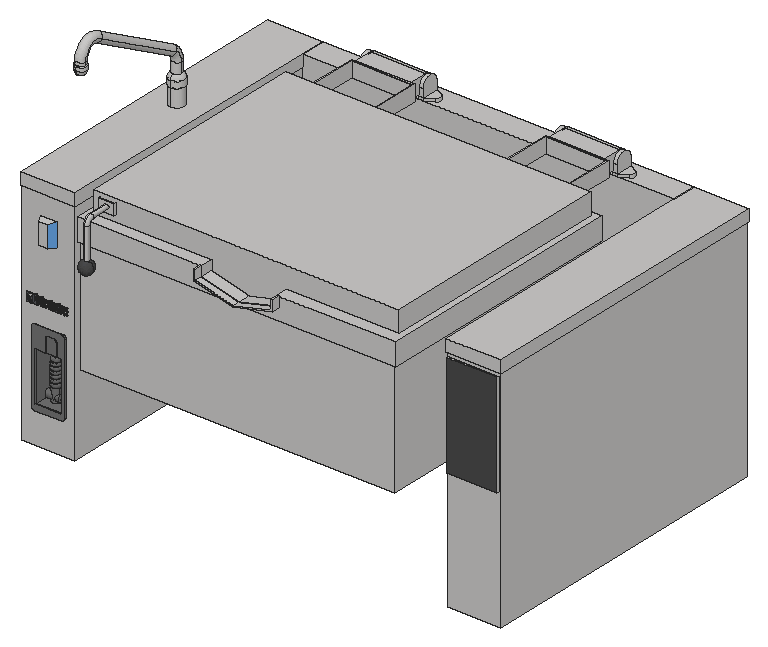
Revit family "QF_ELECTROLUXPROFESSIONAL_586929_PFET08ECES", category Specialty Equipment, Revit 2018
Family settings
  Round Connector Dimension = Use Radius
  Part Type = Normal
  Work Plane-Based = No
  Always vertical = Yes
  Cut with Voids When Loaded = No
  Shared = Yes
  Room Calculation Point = No
Parameters (values of type "Standard")
  Weight = 240.00 kg
  Watts = 0 W
  Volts = 400 V
  URL Manufacturer = "http://professional.electrolux.com"
  URL = "http://professional.electrolux.com"
  Steam Supply Size = 0"
  Steam Supply Minimum Pressure = 0.00 psi
  Steam Supply Maximum Pressure = 0.00 psi
  Steam Pounds per Hour = 0
  Show Logo [instance] = yes
  Refrigeration Suction Line Size = 0"
  Refrigeration Liquid Line Size = 0"
  Refrigerant Compressor Remote = yes
  Plinth Base Finish [instance] = QF_Finishes_Concrete
  Plinth Base [instance] = not(Base Height = 500.00 mm)  # yes
  Phase = 3
  Model = "PFET08ECES"
  Manufacturer = "Electrolux Professional"
  Length Actual = 1400.00 mm  # constant formula
  Item Number = "586929"
  Hot Water Size = 1/2"
  Height Actual = 700.00 mm  # constant formula
  HP = "27.6 HP"
  Gas Size = 0"
  Gas KW = 0
  Gas Input Pressure = 0.0 Btu/h
  Drain Y Axis [instance] = if(Base Height = 500.00 mm, 0.00 mm, 180.00 mm)  # 180.00 mm
  Drain X Axis [instance] = if(Base Height = 500.00 mm, 425.00 mm, Base Height)  # 200.00 mm
  Direct Waste Size = 0"
  Description = "EL. TILTING BRAISING PAN,AUTO H/C WATER FILL INLET,SPRAY GUN, 80L,H700,COMPOUND,FS,D900,REAR CLS KIT,GUID.COOK.S"
  Depth Actual = 900.00 mm  # constant formula
  Cycle = 50 Hz
  Condensate Return Size = 0"
  Compressed Air Volume = 0 GPM
  Compressed Air Size = 0"
  Compressed Air Pressure = 0.00 psi
  Cold Water Size = 1/2"
  Bracket [instance] = Base Height = 500.00 mm  # no
  Body Finish [instance] = QF_Finishes_Stainless Steel
  Base Height = 200.00 mm
  Show Clearance [instance] = yes
  Assembly Code = ""
  Accessory = yes
Reference planes
  plane 1 "BACK": y = 0
  plane 2: z = 0
  plane 3 "LEFT": x = 0
  plane 4 "RIGHT": x = 1400
  plane 5 "FRONT": y = -900
  plane 6 "TOP": z = 900
  plane 7: z = 200
  plane 8 "Center": x = 700
  plane 9: y = -450
  plane 10: z = 1867
  plane 11: y = -680
  plane 12: y = -315
  plane 13: y = -1002
Forms (mm)
  Extrusion 1, solid, material "QF_Finishes_Stainless Steel" <- "Body Finish"
    sketch origin (-11.629, 0, 900) x (-1, 0, 0) y (0, -1, 0)
      loop
        line (-11.629, 0) -> (-11.629, 900) -> (-171.629, 900) -> (-171.629, 0) -> (-11.629, 0)
      loop
        line (-1411.629, 900) -> (-1411.629, 0) -> (-1251.629, 0) -> (-1251.629, 900) -> (-1411.629, 900)
    from 0 to -35
  Extrusion 2, solid, material "QF_Finishes_Stainless Steel" <- "Body Finish"
    sketch origin (-11.629, 0, 0) x (1, 0, 0) y (0, 0, 1)
      loop
        line (171.629, 900) -> (171.629, 500) -> (1251.629, 500) -> (1251.629, 900) -> (171.629, 900)
    from 0 to 70
  Extrusion 3, solid, material "QF_Finishes_Stainless Steel" <- "Body Finish"
    sketch origin (2286.371, 0, 27.379) x (1, 0, 0) y (0, 0, 1)
      loop
        line (-2049.571, 472.621) -> (-1134.271, 472.621) -> (-1134.271, 805.621) -> (-2049.571, 805.621) -> (-2049.571, 472.621)
    from 232 to 975.2
  Extrusion 4, solid, material "QF_Finishes_Stainless Steel" <- "Body Finish"
    sketch origin (1240, -900, 0) x (1, 0, 0) y (0, 0, 1)
      loop
        line (7, 553.501) -> (153, 553.501) -> (153, 855) -> (7, 855) -> (7, 553.501)
    from 0 to 5
  Blend 5, solid, material "QF_Finishes_Stainless Steel" <- "Body Finish"
    base sketch origin (154, -900, 0) x (-1, 0, 0) y (0, 0, -1)
      loop
        line (94.5, -805.4) -> (94.5, -738.6) -> (47.5, -738.6) -> (47.5, -805.4) -> (94.5, -805.4)
    top sketch origin (154, -900, 0) x (-1, 0, 0) y (0, 0, -1)
      loop
        line (84.448, -802.617) -> (84.448, -741.383) -> (57.552, -741.383) -> (57.552, -802.617) -> (84.448, -802.617)
    from 0 to 20.065
  Revolve 6, solid, material "QF_Finishes_Stainless Steel" <- "Body Finish"
    sketch origin (-986.928, -679, -3213) x (-1, 0, 0) y (0, 0, -1)
      loop
        line (-1223.728, -4000) -> (-1153.365, -4000) -> (-1153.365, -4030) -> (-1146.928, -4030) -> (-1146.928, -3943) -> (-1223.728, -3943) -> (-1223.728, -4000)
      loop
        line (-2139.028, -4000) -> (-2139.028, -3943) -> (-2226.928, -3943) -> (-2226.928, -4030) -> (-2220.491, -4030) -> (-2220.491, -4000) -> (-2139.028, -4000)
      axis (-1146.928, -3943) -> (-2226.928, -3943)
    angle from 0 to 360
  Extrusion 7, solid, material "QF_Finishes_Stainless Steel"
    sketch origin (0, 0, 386.36) x (0, 0, 1) y (1, 0, 0)
      loop
        circle (8.64, 106.204) r 6.35
      loop
        circle (8.64, 46.204) r 6.35
    from 0 to 5
  Extrusion 8, solid, material "QF_Finishes_Stainless Steel"
    sketch origin (1040, 0, 386.36) x (0, 0, 1) y (1, 0, 0)
      loop
        circle (63.64, 281.204) r 6.35
    from 0 to 5
  Extrusion 9, solid, material "QF_Finishes_Clearance", visible <- "Show Clearance", detail levels coarse
    sketch origin (2988.371, 9.994, -85.24) x (0, 1, 0) y (0, 0, 1)
      loop
        line (-58.467, 1043.24) -> (-450.27, 1952.74)
        arc (-450.27, 1952.74) -> (-894.699, 1597.175) -> (-1025.467, 1043.24) r 872.87
        line (-1025.467, 1043.24) -> (-58.467, 1043.24)
    from -2740.818 to -1852.578
  Revolve 10, solid, material "QF_Finishes_Black"
    sketch origin (-870.707, -1018.895, 810.327) x (0, 0, 1) y (-1, 0, 0)
      loop
        arc (13.06, -1158.612) -> (-6.179, -1139.373) -> (-25.418, -1158.612) r 19.239
        line (-25.418, -1158.612) -> (13.06, -1158.612)
      axis (-25.418, -1158.612) -> (13.06, -1158.612)
    angle from 0 to 360
  Extrusion 11, solid, material "Default", not visible
    sketch origin (-975.953, -4572.711, 180) x (-1, 0, 0) y (0, -1, 0)
      loop
        circle (-1055.953, -4392.711) r 12.5
    from 20 to 30
  Extrusion 12, solid, material "QF_Finishes_Stainless Steel" <- "Body Finish"
    sketch origin (2286.371, 0, 360.379) x (1, 0, 0) y (0, 0, 1)
      loop
        line (-2055.618, 472.621) -> (-1128.578, 472.621) -> (-1128.578, 536.621) -> (-2055.618, 536.621) -> (-2055.618, 472.621)
    from 232 to 980.2
  Extrusion 13, solid, material "QF_Finishes_Stainless Steel" <- "Body Finish"
    sketch origin (2286.371, 0, 420.879) x (1, 0, 0) y (0, 0, 1)
      loop
        line (-2038.818, 417.921) -> (-1150.578, 417.921) -> (-1150.578, 537.121) -> (-2038.818, 537.121) -> (-2038.818, 417.921)
    from 242 to 942.2
  Extrusion 14, void
    sketch origin (2286.371, 0, 420.879) x (1, 0, 0) y (0, 0, 1)
      loop
        line (-2038.818, 417.921) -> (-1150.578, 417.921) -> (-1150.578, 497.002) -> (-2038.818, 497.002) -> (-2038.818, 417.921)
    from 242 to 942.2
  Extrusion 15, void
    sketch origin (2281.371, -980.2, 360.379) x (-1, 0, 0) y (0, 0, 1)
      loop
        line (1690.885, 536.621) -> (1470.885, 536.621) -> (1470.885, 508.598) -> (1580.885, 480.503) -> (1690.885, 508.598) -> (1690.885, 536.621)
    from 0 to 38
  Extrusion 16, solid, material "QF_Finishes_Stainless Steel"
    sketch origin (2288.371, 0, 0) x (1, 0, 0) y (0, 1, 0)
      loop
        line (-1950.331, -22) -> (-1963.331, -22) -> (-1989.055, -36.047)
        arc (-1989.055, -36.047) -> (-1994.961, -46) -> (-1989.055, -55.953) r 11.341
        line (-1989.055, -55.953) -> (-1963.331, -70) -> (-1950.331, -70) -> (-1950.331, -22)
    from 900 to 908
  Extrusion 17, solid, material "QF_Finishes_Stainless Steel"
    sketch origin (-588.235, 0, -1068.606) x (0, 0, -1) y (0, 1, 0)
      loop
        line (-1976.606, -22) -> (-2000.57, -22)
        arc (-2000.57, -22) -> (-2024.57, -46) -> (-2000.57, -70) r 24
        line (-2000.57, -70) -> (-1976.606, -70) -> (-1976.606, -22)
    from 913.275 to 926.275
  Extrusion 18, solid, material "QF_Finishes_Stainless Steel"
    sketch origin (-1453.291, 0, 0) x (-1, 0, 0) y (0, -1, 0)
      loop
        line (-1950.331, 22) -> (-1950.331, 70) -> (-1963.331, 70) -> (-1989.055, 55.953)
        arc (-1989.055, 55.953) -> (-1994.961, 46) -> (-1989.055, 36.047) r 11.341
        line (-1989.055, 36.047) -> (-1963.331, 22) -> (-1950.331, 22)
    from 900 to 908
  Extrusion 19, solid, material "QF_Finishes_Stainless Steel"
    sketch origin (1423.315, 0, -1068.606) x (0, 0, -1) y (0, -1, 0)
      loop
        line (-1976.606, 22) -> (-1976.606, 70) -> (-2000.57, 70)
        arc (-2000.57, 70) -> (-2024.57, 46) -> (-2000.57, 22) r 24
        line (-2000.57, 22) -> (-1976.606, 22)
    from 913.275 to 926.275
  Extrusion 20, solid, material "QF_Finishes_Stainless Steel"
    sketch origin (-429.235, 0, -1068.606) x (0, 0, -1) y (0, 1, 0)
      loop
        line (-2024.57, -46) -> (-2024.606, -101) -> (-1979.606, -101) -> (-1979.606, -22) -> (-2000.57, -22)
        arc (-2000.57, -22) -> (-2017.541, -29.029) -> (-2024.57, -46) r 24
    from 767.275 to 926.275
  Extrusion 21, solid, material "QF_Finishes_Stainless Steel"
    sketch origin (2288.371, 0, 0) x (1, 0, 0) y (0, 1, 0)
      loop
        line (-1962.831, -101) -> (-1962.831, -242) -> (-1958.831, -242) -> (-1958.831, -105.055) -> (-1782.931, -105.055) -> (-1782.931, -242) -> (-1778.831, -242) -> (-1778.831, -101) -> (-1962.831, -101)
    from 911 to 956
  Extrusion 22, solid, material "QF_Finishes_Stainless Steel"
    sketch origin (2853.331, 0, 0) x (1, 0, 0) y (0, 1, 0)
      loop
        line (-1950.331, -22) -> (-1963.331, -22) -> (-1989.055, -36.047)
        arc (-1989.055, -36.047) -> (-1994.961, -46) -> (-1989.055, -55.953) r 11.341
        line (-1989.055, -55.953) -> (-1963.331, -70) -> (-1950.331, -70) -> (-1950.331, -22)
    from 900 to 908
  Extrusion 23, solid, material "QF_Finishes_Stainless Steel"
    sketch origin (-23.275, 0, -1068.606) x (0, 0, -1) y (0, 1, 0)
      loop
        line (-1976.606, -22) -> (-2000.57, -22)
        arc (-2000.57, -22) -> (-2024.57, -46) -> (-2000.57, -70) r 24
        line (-2000.57, -70) -> (-1976.606, -70) -> (-1976.606, -22)
    from 913.275 to 926.275
  Extrusion 24, solid, material "QF_Finishes_Stainless Steel"
    sketch origin (-888.331, 0, 0) x (-1, 0, 0) y (0, -1, 0)
      loop
        line (-1950.331, 22) -> (-1950.331, 70) -> (-1963.331, 70) -> (-1989.055, 55.953)
        arc (-1989.055, 55.953) -> (-1994.961, 46) -> (-1989.055, 36.047) r 11.341
        line (-1989.055, 36.047) -> (-1963.331, 22) -> (-1950.331, 22)
    from 900 to 908
  Extrusion 25, solid, material "QF_Finishes_Stainless Steel"
    sketch origin (1988.275, 0, -1068.606) x (0, 0, -1) y (0, -1, 0)
      loop
        line (-1976.606, 22) -> (-1976.606, 70) -> (-2000.57, 70)
        arc (-2000.57, 70) -> (-2024.57, 46) -> (-2000.57, 22) r 24
        line (-2000.57, 22) -> (-1976.606, 22)
    from 913.275 to 926.275
  Extrusion 26, solid, material "QF_Finishes_Stainless Steel"
    sketch origin (135.725, 0, -1068.606) x (0, 0, -1) y (0, 1, 0)
      loop
        line (-2024.57, -46) -> (-2024.606, -101) -> (-1979.606, -101) -> (-1979.606, -22) -> (-2000.57, -22)
        arc (-2000.57, -22) -> (-2017.541, -29.029) -> (-2024.57, -46) r 24
    from 767.275 to 926.275
  Extrusion 27, solid, material "QF_Finishes_Stainless Steel"
    sketch origin (2853.331, 0, 0) x (1, 0, 0) y (0, 1, 0)
      loop
        line (-1962.831, -101) -> (-1962.831, -242) -> (-1958.831, -242) -> (-1958.831, -105.055) -> (-1782.931, -105.055) -> (-1782.931, -242) -> (-1778.831, -242) -> (-1778.831, -101) -> (-1962.831, -101)
    from 911 to 956
  Sweep 28, solid, material "QF_Finishes_Stainless Steel"
    path origin (288.034, 0, 0) x (0, 1, 0) y (0, 0, 1)
      loop
        line (-947.2, 930) -> (-1003.319, 930)
        arc (-1003.319, 930) -> (-1013.926, 925.607) -> (-1018.319, 915) r 15
        line (-1018.319, 915) -> (-1018.319, 819.051)
    profile origin (288.034, -975.26, 930) x (0, 0, -1) y (1, 0, 0)
      loop
        circle (0, 0) r 6.362
  Extrusion 29, solid, material "QF_Finishes_Stainless Steel"
    sketch origin (2286.371, -980.2, 360.379) x (1, 0, 0) y (0, 0, 1)
      loop
        line (-1975.695, 554.621) -> (-1975.695, 584.621) -> (-2020.205, 584.621) -> (-2020.205, 554.621) -> (-1975.695, 554.621)
    from -38 to -33
  Extrusion 30, solid, material "QF_Finishes_Stainless Steel"
    sketch origin (-1161.774, -558.347, 100) x (-1, 0, 0) y (0, -1, 0)
      loop
        circle (-1211.774, -243.347) r 9.525
    from 707.782 to 698
  Extrusion 31, solid, material "QF_Finishes_Stainless Steel"
    sketch origin (-1136.774, -161.653, 100) x (-1, 0, 0) y (0, -1, 0)
      loop
        circle (-1246.774, 153.347) r 9.525
    from 707.782 to 698
  Extrusion 32, solid, material "QF_Finishes_Stainless Steel"
    sketch origin (2286.371, -980.2, 360.379) x (1, 0, 0) y (0, 0, 1)
      loop
        line (-1475.885, 508.598) -> (-1585.885, 480.503) -> (-1695.885, 508.598) -> (-1695.885, 536.621) -> (-1700.885, 536.621) -> (-1700.885, 505.804) -> (-1585.885, 476.432) -> (-1470.885, 505.804) -> (-1470.885, 536.621) -> (-1475.885, 536.621) -> (-1475.885, 508.598)
    from 0 to 21.8
  Extrusion 33, solid, material "QF_Finishes_Stainless Steel" <- "Body Finish"
    sketch origin (0, -100, 0) x (1, 0, 0) y (0, 1, 0)
      loop
        line (157, 97) -> (3, 97) -> (3, -797) -> (157, -797) -> (157, 97)
      loop
        line (1397, 97) -> (1243, 97) -> (1243, -797) -> (1397, -797) -> (1397, 97)
    from 200 to 865
  Extrusion 34, solid, material "Navy Blue", visible <- "Show Logo"
    sketch origin (160, -897, 0) x (-1, 0, 0) y (0, 0, -1)
      loop
        line (101.332, -593.18) -> (109.793, -593.18) -> (109.793, -583.327)
        arc (109.793, -583.327) -> (108.679, -580.639) -> (105.991, -579.525) r 3.802
        line (105.991, -579.525) -> (101.168, -579.525) -> (101.168, -581.736) -> (105.441, -581.736)
        arc (105.441, -581.736) -> (106.845, -582.21) -> (107.442, -583.566) r 1.838
        line (107.442, -583.566) -> (107.442, -585.52) -> (101.698, -585.52) -> (101.698, -587.738) -> (107.442, -587.738) -> (107.442, -590.968) -> (101.332, -590.968) -> (101.332, -593.18)
      loop
        line (99.498, -593.18) -> (99.498, -579.525) -> (97.146, -579.525) -> (97.146, -593.18) -> (99.498, -593.18)
      loop
        line (48.417, -593.18) -> (48.417, -579.525) -> (46.064, -579.525) -> (46.064, -593.18) -> (48.417, -593.18)
      loop
        line (93.257, -583.886) -> (85.539, -583.886)
        arc (85.539, -583.886) -> (86.746, -588.126) -> (90.874, -589.672) r 4.89
        arc (90.874, -589.672) -> (94.51, -587.828) -> (95.548, -583.886) r 4.976
        arc (95.548, -583.886) -> (94.182, -580.589) -> (90.886, -579.224) r 4.662
        arc (90.886, -579.224) -> (88.32, -579.602) -> (86.169, -581.05) r 5.86
        line (86.169, -581.05) -> (87.562, -582.444)
        arc (87.562, -582.444) -> (89.391, -581.347) -> (91.516, -581.531) r 3.458
        arc (91.516, -581.531) -> (92.812, -582.394) -> (93.257, -583.886) r 2.29
      loop
        line (93.198, -585.539) -> (87.902, -585.539)
        arc (87.902, -585.539) -> (88.645, -587.103) -> (90.278, -587.679) r 2.256
        arc (90.278, -587.679) -> (92.162, -587.188) -> (93.198, -585.539) r 2.64
      loop
        line (76.371, -586.524) -> (74.894, -588)
        arc (74.894, -588) -> (76.746, -589.341) -> (78.997, -589.742) r 5.117
        arc (78.997, -589.742) -> (82.429, -588.487) -> (84.231, -585.308) r 5.293
        arc (84.231, -585.308) -> (81.194, -579.733) -> (74.977, -581.018) r 5.33
        line (74.977, -581.018) -> (76.446, -582.487)
        arc (76.446, -582.487) -> (79.616, -581.438) -> (81.887, -583.886) r 3.088
        arc (81.887, -583.886) -> (81.729, -585.821) -> (80.396, -587.234) r 2.933
        arc (80.396, -587.234) -> (78.264, -587.559) -> (76.371, -586.524) r 3.369
      loop
        line (73.45, -593.18) -> (73.45, -583.849)
        arc (73.45, -583.849) -> (73.246, -582.449) -> (72.722, -581.135) r 6.031
        arc (72.722, -581.135) -> (71.044, -579.8) -> (68.918, -579.519) r 4.018
        line (68.918, -579.519) -> (68.918, -581.723)
        arc (68.918, -581.723) -> (69.55, -581.771) -> (70.139, -582.005) r 2.118
        arc (70.139, -582.005) -> (70.895, -582.804) -> (71.098, -583.886) r 1.949
        line (71.098, -583.886) -> (71.098, -587.265) -> (68.962, -587.265) -> (68.962, -589.401) -> (71.098, -589.401) -> (71.098, -593.18) -> (73.45, -593.18)
      loop
        arc (64.65, -584.717) -> (64.482, -585.701) -> (63.997, -586.574) r 2.967
        arc (63.997, -586.574) -> (62.588, -587.297) -> (61.004, -587.265) r 3.231
        line (61.004, -587.265) -> (61.004, -589.525)
        arc (61.004, -589.525) -> (63.073, -589.33) -> (64.65, -587.977) r 3.432
        line (64.65, -587.977) -> (64.65, -589.401) -> (66.983, -589.401) -> (66.983, -579.525) -> (64.65, -579.525) -> (64.65, -584.717)
      loop
        circle (55.254, -584.461) r 5.233
      loop
        circle (55.254, -584.461) r 3.172
      loop
        arc (37.582, -583.638) -> (38.162, -582.041) -> (39.738, -581.405) r 2.088
        arc (39.738, -581.405) -> (41.313, -582.041) -> (41.894, -583.638) r 2.088
        line (41.894, -583.638) -> (41.894, -589.401) -> (44.266, -589.401) -> (44.266, -583.442)
        arc (44.266, -583.442) -> (42.916, -580.365) -> (39.738, -579.275) r 4.181
        arc (39.738, -579.275) -> (36.524, -580.398) -> (35.211, -583.539) r 4.181
        line (35.211, -583.539) -> (35.211, -589.401) -> (37.582, -589.401) -> (37.582, -583.638)
      loop
        line (33.789, -589.401) -> (30.374, -584.764) -> (34.126, -579.522) -> (31.598, -579.522) -> (29.107, -583.001) -> (26.58, -579.522) -> (24.068, -579.522) -> (27.767, -584.817) -> (24.385, -589.401) -> (26.952, -589.401) -> (29.115, -586.469) -> (31.245, -589.401) -> (33.789, -589.401)
      loop
        line (108.47, -573.865) -> (110.346, -573.865) -> (110.346, -569.143) -> (109.319, -569.143) -> (109.319, -570.769) -> (108.185, -570.769)
        arc (108.185, -570.769) -> (106.916, -572.447) -> (108.47, -573.865) r 1.561
      loop
        arc (108.23, -571.697) -> (107.841, -572.304) -> (108.23, -572.911) r 0.668
        line (108.23, -572.911) -> (109.319, -572.911) -> (109.319, -571.697) -> (108.23, -571.697)
      loop
        line (101.061, -573.865) -> (102.968, -573.865) -> (102.968, -569.143) -> (101.942, -569.143) -> (101.942, -570.769) -> (100.949, -570.769) -> (100.27, -569.143) -> (99.168, -569.143) -> (100.097, -571.134)
        arc (100.097, -571.134) -> (99.652, -571.665) -> (99.502, -572.343) r 1.458
        arc (99.502, -572.343) -> (99.971, -573.421) -> (101.061, -573.865) r 1.559
      loop
        line (101.942, -572.911) -> (101.942, -571.697) -> (100.852, -571.697)
        arc (100.852, -571.697) -> (100.464, -572.304) -> (100.852, -572.911) r 0.668
        line (100.852, -572.911) -> (101.942, -572.911)
      loop
        circle (93.139, -571.504) r 2.453
      loop
        circle (93.139, -571.504) r 1.557
      loop
        line (86.655, -573.865) -> (86.655, -569.143) -> (85.654, -569.143) -> (85.654, -570.793) -> (83.876, -570.793) -> (83.876, -571.851) -> (85.654, -571.851) -> (85.654, -572.847) -> (83.706, -572.847) -> (83.706, -573.865) -> (86.655, -573.865)
      loop
        line (79.724, -573.865) -> (79.724, -570.677)
        arc (79.724, -570.677) -> (79.288, -569.596) -> (78.213, -569.146) r 1.51
        line (78.213, -569.146) -> (76.689, -569.146) -> (76.689, -570.038) -> (78.122, -570.038)
        arc (78.122, -570.038) -> (78.65, -570.475) -> (78.753, -571.151) r 0.961
        line (78.753, -571.151) -> (76.866, -571.151) -> (76.866, -572.043) -> (78.753, -572.043) -> (78.753, -572.973) -> (76.735, -572.973) -> (76.735, -573.865) -> (79.724, -573.865)
      loop
        arc (62.624, -573.267) -> (63.249, -573.78) -> (64.041, -573.943) r 1.69
        arc (64.041, -573.943) -> (64.773, -573.764) -> (65.374, -573.31) r 1.872
        arc (65.374, -573.31) -> (65.486, -572.238) -> (64.794, -571.411) r 1.385
        arc (64.794, -571.411) -> (64.212, -571.217) -> (63.66, -570.95) r 4.78
        arc (63.66, -570.95) -> (63.312, -570.539) -> (63.552, -570.057) r 0.489
        arc (63.552, -570.057) -> (63.998, -569.952) -> (64.442, -570.065) r 0.963
        arc (64.442, -570.065) -> (64.826, -570.341) -> (65.061, -570.752) r 1.118
        line (65.061, -570.752) -> (65.887, -570.367)
        arc (65.887, -570.367) -> (65.589, -569.793) -> (65.11, -569.36) r 1.815
        arc (65.11, -569.36) -> (64.566, -569.127) -> (63.978, -569.068) r 1.957
        arc (63.978, -569.068) -> (63.25, -569.213) -> (62.595, -569.561) r 2.556
        arc (62.595, -569.561) -> (62.305, -570.331) -> (62.455, -571.139) r 1.535
        arc (62.455, -571.139) -> (62.778, -571.512) -> (63.19, -571.781) r 1.779
        arc (63.19, -571.781) -> (63.712, -572.014) -> (64.248, -572.215) r 9.371
        arc (64.248, -572.215) -> (64.557, -572.696) -> (64.11, -573.053) r 0.427
        arc (64.11, -573.053) -> (63.575, -572.924) -> (63.163, -572.558) r 1.135
        line (63.163, -572.558) -> (62.624, -573.267)
      loop
        line (58.291, -573.865) -> (58.291, -569.146) -> (57.321, -569.146) -> (57.321, -573.865) -> (58.291, -573.865)
      loop
        circle (50.779, -571.506) r 1.468
      loop
        circle (50.779, -571.506) r 2.451
      loop
        line (44.27, -569.146) -> (43.289, -569.146) -> (43.289, -572.113) -> (41.131, -569.146) -> (40.187, -569.146) -> (40.187, -573.865) -> (41.168, -573.865) -> (41.168, -570.808) -> (43.326, -573.865) -> (44.27, -573.865) -> (44.27, -569.146)
      loop
        line (35.295, -569.146) -> (34.836, -570.164) -> (33.09, -570.164) -> (32.631, -569.146) -> (31.588, -569.146) -> (33.581, -573.865) -> (34.491, -573.865) -> (36.337, -569.146) -> (35.295, -569.146)
      loop
        line (33.526, -571.132) -> (33.993, -572.169) -> (34.447, -571.132) -> (33.526, -571.132)
      loop
        line (26.769, -570.038) -> (26.769, -573.865) -> (27.739, -573.865) -> (27.739, -569.146) -> (24.954, -569.146) -> (24.954, -570.038) -> (26.769, -570.038)
      loop
        arc (69.698, -573.267) -> (70.324, -573.78) -> (71.116, -573.943) r 1.69
        arc (71.116, -573.943) -> (71.847, -573.764) -> (72.449, -573.31) r 1.872
        arc (72.449, -573.31) -> (72.56, -572.238) -> (71.868, -571.411) r 1.385
        arc (71.868, -571.411) -> (71.287, -571.217) -> (70.735, -570.95) r 4.78
        arc (70.735, -570.95) -> (70.386, -570.539) -> (70.627, -570.057) r 0.489
        arc (70.627, -570.057) -> (71.073, -569.952) -> (71.517, -570.065) r 0.963
        arc (71.517, -570.065) -> (71.901, -570.341) -> (72.136, -570.752) r 1.118
        line (72.136, -570.752) -> (72.961, -570.367)
        arc (72.961, -570.367) -> (72.664, -569.793) -> (72.184, -569.36) r 1.815
        arc (72.184, -569.36) -> (71.64, -569.127) -> (71.052, -569.068) r 1.957
        arc (71.052, -569.068) -> (70.325, -569.213) -> (69.669, -569.561) r 2.556
        arc (69.669, -569.561) -> (69.38, -570.331) -> (69.529, -571.139) r 1.535
        arc (69.529, -571.139) -> (69.852, -571.512) -> (70.265, -571.781) r 1.779
        arc (70.265, -571.781) -> (70.787, -572.014) -> (71.322, -572.215) r 9.371
        arc (71.322, -572.215) -> (71.632, -572.696) -> (71.185, -573.053) r 0.427
        arc (71.185, -573.053) -> (70.649, -572.924) -> (70.238, -572.558) r 1.135
        line (70.238, -572.558) -> (69.698, -573.267)
      loop
        line (124.467, -593.367) -> (124.467, -568.534)
        arc (124.467, -568.534) -> (115.287, -580.95) -> (124.467, -593.367) r 12.987
      loop
        arc (125.423, -593.446) -> (135.891, -591.227) -> (141.022, -581.837) r 12.809
        line (141.022, -581.837) -> (135.422, -581.837)
        arc (135.422, -581.837) -> (128.84, -585.012) -> (125.423, -591.472) r 11.707
        line (125.423, -591.472) -> (125.423, -593.446)
      loop
        arc (125.73, -570.332) -> (129.585, -577.251) -> (136.925, -580.23) r 11.93
        line (136.925, -580.23) -> (141.033, -580.23)
        arc (141.033, -580.23) -> (136.066, -570.804) -> (125.73, -568.215) r 13.06
        line (125.73, -568.215) -> (125.73, -570.332)
      loop
        line (141.976, -594.722) -> (141.976, -567.122) -> (114.339, -567.122) -> (114.339, -594.722) -> (141.976, -594.722)
    from 0 to 0.697
  Extrusion 35, void
    sketch origin (-3.1, -900, 0) x (1, 0, 0) y (0, 0, 1)
      loop
        line (125.4, 500.944) -> (43.4, 500.944) -> (43.4, 305.944) -> (125.4, 305.944) -> (125.4, 500.944)
    from 0 to -63
Cuts and joins
  Extrusion 14, Extrusion 15 cuts Extrusion 12
  Extrusion 15 cuts Extrusion 13
  Extrusion 35 cuts Extrusion 33
Lines and regions (mm)
  Split face 1
    outline origin (1240, -905, 0) x (1, 0, 0) y (0, 0, 1)
      loop
        line (7.625, 638.501) -> (7.625, 554.126) -> (152.375, 554.126) -> (152.375, 638.501) -> (7.625, 638.501)
  Split face 2
    outline origin (1240, -905, 0) x (1, 0, 0) y (0, 0, 1)
      loop
        line (21.373, 638.501) -> (138.623, 638.501) -> (138.623, 843.501) -> (21.373, 843.501) -> (21.373, 638.501)
  symbolic lines, style "QF-Clearances", visible <- "Show Clearance", detail levels coarse
    curve 1: line (450.02, -980.2, 0) -> (450.02, -1749.985, 0)
    curve 2: line (450.02, -1749.985, 0) -> (950.02, -1749.985, 0)
    curve 3: line (950.02, -1749.985, 0) -> (950.02, -980.2, 0)
  symbolic lines, style "SpecialityEquipment"
    curve 4: line (509.54, -101, 0) -> (325.54, -101, 0)
    curve 5: line (325.54, -101, 0) -> (325.54, -242, 0)
    curve 6: line (325.54, -242, 0) -> (329.54, -242, 0)
    curve 7: line (329.54, -242, 0) -> (329.54, -105.055, 0)
    curve 8: line (329.54, -105.055, 0) -> (505.44, -105.055, 0)
    curve 9: line (505.44, -105.055, 0) -> (505.44, -242, 0)
    curve 10: line (505.44, -242, 0) -> (509.54, -242, 0)
    curve 11: line (509.54, -242, 0) -> (509.54, -101, 0)
  symbolic lines
    curve 12: line (894.5, -105.055, 0) -> (1070.4, -105.055, 0)
    curve 13: line (1070.4, -105.055, 0) -> (1070.4, -242, 0)
    curve 14: line (1070.4, -242, 0) -> (1074.5, -242, 0)
    curve 15: line (1074.5, -242, 0) -> (1074.5, -101, 0)
    curve 16: line (1074.5, -101, 0) -> (890.5, -101, 0)
    curve 17: line (890.5, -101, 0) -> (890.5, -242, 0)
    curve 18: line (890.5, -242, 0) -> (894.5, -242, 0)
    curve 19: line (894.5, -242, 0) -> (894.5, -105.055, 0)
    curve 20: line (903, -101, 0) -> (903, -22, 0)
    curve 21: line (890, -22, 0) -> (1075, -22, 0)
    curve 22: line (1062, -22, 0) -> (1062, -101, 0)
    curve 23: line (1062, -70, 0) -> (1075, -70, 0)
    curve 24: line (1075, -70, 0) -> (1075, -22, 0)
    curve 25: line (903, -70, 0) -> (890, -70, 0)
    curve 26: line (890, -70, 0) -> (890, -22, 0)
    curve 27: line (1075, -70, 0) -> (1100.724, -55.953, 0)
    curve 28: arc (1100.724, -55.953, 0) -> (1106.63, -46, 0) -> (1100.724, -36.047, 0) r 11.341
    curve 29: line (1100.724, -36.047, 0) -> (1075, -22, 0)
    curve 30: line (890, -22, 0) -> (864.276, -36.047, 0)
    curve 31: arc (864.276, -36.047, 0) -> (858.37, -46, 0) -> (864.276, -55.953, 0) r 11.341
    curve 32: line (864.276, -55.953, 0) -> (890, -70, 0)
    curve 33: line (338.04, -101, 0) -> (338.04, -22, 0)
    curve 34: line (325.04, -22, 0) -> (510.04, -22, 0)
    curve 35: line (497.04, -22, 0) -> (497.04, -101, 0)
    curve 36: line (497.04, -70, 0) -> (510.04, -70, 0)
    curve 37: line (510.04, -70, 0) -> (510.04, -22, 0)
    curve 38: line (338.04, -70, 0) -> (325.04, -70, 0)
    curve 39: line (325.04, -70, 0) -> (325.04, -22, 0)
    curve 40: line (510.04, -70, 0) -> (535.764, -55.953, 0)
    curve 41: arc (535.764, -55.953, 0) -> (541.67, -46, 0) -> (535.764, -36.047, 0) r 11.341
    curve 42: line (535.764, -36.047, 0) -> (510.04, -22, 0)
    curve 43: line (325.04, -22, 0) -> (299.316, -36.047, 0)
    curve 44: arc (299.316, -36.047, 0) -> (293.41, -46, 0) -> (299.316, -55.953, 0) r 11.341
    curve 45: line (299.316, -55.953, 0) -> (325.04, -70, 0)
    curve 46: line (510.04, -70, 0) -> (890, -70, 0)
    curve 47: line (1240, -900, 0) -> (1400, -900, 0)
    curve 48: line (1240, 0, 0) -> (1240, -900, 0)
    curve 49: line (1400, -900, 0) -> (1400, 0, 0)
    curve 50: line (160, -900, 0) -> (0, -900, 0)
    curve 51: line (160, 0, 0) -> (160, -900, 0)
    curve 52: line (0, 0, 0) -> (1400, 0, 0)
    curve 53: line (0, -900, 0) -> (0, 0, 0)
    curve 54: line (230.753, -232, 0) -> (1157.793, -232, 0)
    curve 55: line (230.753, -980.2, 0) -> (230.753, -232, 0)
    curve 56: line (1157.793, -980.2, 0) -> (810.486, -980.2, 0)
    curve 57: line (1157.793, -232, 0) -> (1157.793, -980.2, 0)
    curve 58: line (247.553, -242, 0) -> (1135.793, -242, 0)
    curve 59: line (247.553, -942.2, 0) -> (247.553, -242, 0)
    curve 60: line (1135.793, -942.2, 0) -> (247.553, -942.2, 0)
    curve 61: line (1135.793, -242, 0) -> (1135.793, -942.2, 0)
    curve 62: line (810.486, -1002, 0) -> (810.486, -980.2, 0)
    curve 63: line (590.485, -942.2, 0) -> (590.485, -1002, 0)
    curve 64: line (266.166, -947.2, 0) -> (310.676, -947.2, 0)
    curve 65: line (310.676, -947.2, 0) -> (310.676, -942.2, 0)
    curve 66: line (266.166, -942.2, 0) -> (266.166, -947.2, 0)
    curve 67: arc (281.166, -1001.018, 0) -> (288.08, -1038.066, 0) -> (294.67, -1000.959, 0) r 19.154
    curve 68: line (281.166, -947.2, 0) -> (281.166, -1013.506, 0)
    curve 69: line (294.67, -947.2, 0) -> (294.67, -1013.506, 0)
    curve 70: arc (294.67, -1013.506, 0) -> (287.918, -1020.258, 0) -> (281.166, -1013.506, 0) r 6.752
    curve 71: line (281.166, -980.2, 0) -> (230.753, -980.2, 0)
    curve 72: line (96.448, -920.065, 0) -> (69.552, -920.065, 0)
    curve 73: line (69.552, -920.065, 0) -> (59.5, -900, 0)
    curve 74: line (96.448, -920.065, 0) -> (106.5, -900, 0)
    curve 75: line (1393, -905, 0) -> (1393, -900, 0)
    curve 76: line (1393, -905, 0) -> (1247, -905, 0)
    curve 77: line (1247, -905, 0) -> (1247, -900, 0)
    curve 78: line (166.437, -592, 0) -> (160, -592, 0)
    curve 79: line (166.437, -766, 0) -> (160, -766, 0)
    curve 80: line (166.437, -592, 0) -> (166.437, -766, 0)
    curve 81: line (166.437, -622, 0) -> (230.753, -622, 0)
    curve 82: line (230.753, -736, 0) -> (166.437, -736, 0)
    curve 83: line (1233.563, -592, 0) -> (1240, -592, 0)
    curve 84: line (1233.563, -766, 0) -> (1240, -766, 0)
    curve 85: line (1233.563, -592, 0) -> (1233.563, -766, 0)
    curve 86: line (1233.563, -622, 0) -> (1157.793, -622, 0)
    curve 87: line (1157.793, -736, 0) -> (1233.563, -736, 0)
    curve 88: line (160, -70, 0) -> (325.04, -70, 0)
    curve 89: line (1240, -70, 0) -> (1075, -70, 0)
    curve 90: line (590.485, -1002, 0) -> (810.486, -1002, 0)
    curve 91: line (810.486, -980.2, 0) -> (810.486, -942.2, 0)
    curve 92: line (590.485, -980.2, 0) -> (294.67, -980.2, 0)
    curve 93: line (700.485, -942.2, 0) -> (700.485, -1002, 0)
Dimensions and locks
  plane 3 "LEFT" to plane 4 "RIGHT" = 1400.00 mm
  plane 4 "RIGHT" to plane 3 "LEFT" = 1400.00 mm
  plane 1 "BACK" to plane 5 "FRONT" = 900.00 mm
  plane 5 "FRONT" to plane 1 "BACK" = 900.00 mm
  plane 6 "TOP" to level = 900.00 mm
  "Base Height": plane 7 to level
  equal spacing: plane 5 "FRONT", plane 9, plane 1 "BACK"
  equal spacing: plane 3 "LEFT", plane 8 "Center", plane 4 "RIGHT"
  plane 6 "TOP" to Extrusion 4 sketch curve to Extrusion 4 sketch curve = 45.00 mm locked, 301.499 mm locked
  plane 6 "TOP" to Extrusion 2 sketch curve to Extrusion 2 sketch curve = 0.00 mm, 400.00 mm
  plane 10 to plane 6 "TOP" = 967.00 mm  (x2)
  Extrusion 8 sketch curve to plane 6 "TOP" = 450.00 mm
  plane 3 "LEFT" to Extrusion 11 sketch curve = 80.00 mm
  "Drain Y Axis": Extrusion 11 sketch curve to plane 1 "BACK"
  "Drain X Axis": Extrusion 11 to level
  locked: Extrusion 11 to Extrusion 11 at 10
  plane 11 to plane 1 "BACK" = 680.00 mm
  Extrusion 7 sketch curve to plane 7 = 195.00 mm
  Extrusion 9 to plane 6 "TOP" = 58.00 mm
  Extrusion 8 sketch curve to plane 7 = 250.00 mm
  plane 12 to plane 1 "BACK" = 315.00 mm
  plane 13 to plane 1 "BACK" = 1002.00 mm
  aligned and locked: level to plane 2
  aligned: plane 6 "TOP" to Extrusion 1
  aligned and locked: plane 6 "TOP" to Extrusion 1
Automatic sketch dimensions
  plane 5 "FRONT" to Extrusion 1 sketch curve = 0.00 mm  (x2)
  plane 1 "BACK" to Extrusion 1 sketch curve = 0.00 mm  (x2)
  Extrusion 1 sketch curve to plane 3 "LEFT" = 0.00 mm
  plane 3 "LEFT" to Extrusion 1 sketch curve = 160.00 mm
  Extrusion 1 sketch curve to plane 4 "RIGHT" = 160.00 mm
  plane 4 "RIGHT" to Extrusion 1 sketch curve = 0.00 mm
  plane 1 "BACK" to Extrusion 16 sketch curve = 55.953 mm
  plane 3 "LEFT" to Extrusion 16 sketch curve = 299.316 mm
  plane 1 "BACK" to Extrusion 16 sketch curve = 70.00 mm
  plane 1 "BACK" to Extrusion 16 sketch curve = 36.047 mm
  Extrusion 16 sketch curve to Extrusion 16 sketch curve = 0.00 mm
  Extrusion 16 sketch curve to Extrusion 16 sketch curve = 25.724 mm  (x2)
  plane 1 "BACK" to Extrusion 16 sketch curve = 22.00 mm
  Extrusion 16 sketch curve to Extrusion 16 sketch curve = 13.00 mm
  Extrusion 16 sketch curve to Extrusion 16 sketch curve = 5.435 mm
  plane 1 "BACK" to Extrusion 18 sketch curve = 55.953 mm
  Extrusion 18 sketch curve to plane 8 "Center" = 164.236 mm
  plane 1 "BACK" to Extrusion 18 sketch curve = 22.00 mm
  plane 1 "BACK" to Extrusion 18 sketch curve = 36.047 mm
  Extrusion 18 sketch curve to Extrusion 18 sketch curve = 0.00 mm
  Extrusion 18 sketch curve to Extrusion 18 sketch curve = 25.724 mm  (x2)
  Extrusion 18 sketch curve to Extrusion 18 sketch curve = 13.00 mm
  Extrusion 18 sketch curve to Extrusion 18 sketch curve = 5.435 mm
  Extrusion 18 sketch curve to Extrusion 18 sketch curve = 14.047 mm
  plane 1 "BACK" to Extrusion 21 sketch curve = 101.00 mm
  plane 3 "LEFT" to Extrusion 21 sketch curve = 325.54 mm
  Extrusion 21 sketch curve to plane 12 = 73.00 mm  (x2)
  Extrusion 21 sketch curve to Extrusion 21 sketch curve = 4.00 mm
  Extrusion 21 sketch curve to Extrusion 21 sketch curve = 175.90 mm
  Extrusion 21 sketch curve to Extrusion 21 sketch curve = 4.10 mm
  Extrusion 21 sketch curve to Extrusion 21 sketch curve = 4.055 mm
  plane 1 "BACK" to Extrusion 22 sketch curve = 55.953 mm
  plane 8 "Center" to Extrusion 22 sketch curve = 164.276 mm
  plane 1 "BACK" to Extrusion 22 sketch curve = 70.00 mm
  plane 1 "BACK" to Extrusion 22 sketch curve = 36.047 mm
  Extrusion 22 sketch curve to Extrusion 22 sketch curve = 0.00 mm
  Extrusion 22 sketch curve to Extrusion 22 sketch curve = 25.724 mm  (x2)
  plane 1 "BACK" to Extrusion 22 sketch curve = 22.00 mm
  Extrusion 22 sketch curve to Extrusion 22 sketch curve = 13.00 mm
  Extrusion 22 sketch curve to Extrusion 22 sketch curve = 5.435 mm
  plane 1 "BACK" to Extrusion 24 sketch curve = 55.953 mm
  Extrusion 24 sketch curve to plane 4 "RIGHT" = 299.276 mm
  plane 1 "BACK" to Extrusion 24 sketch curve = 22.00 mm
  plane 1 "BACK" to Extrusion 24 sketch curve = 36.047 mm
  Extrusion 24 sketch curve to Extrusion 24 sketch curve = 0.00 mm
  Extrusion 24 sketch curve to Extrusion 24 sketch curve = 25.724 mm  (x2)
  Extrusion 24 sketch curve to Extrusion 24 sketch curve = 13.00 mm
  Extrusion 24 sketch curve to Extrusion 24 sketch curve = 5.435 mm
  Extrusion 24 sketch curve to Extrusion 24 sketch curve = 14.047 mm
  plane 8 "Center" to Extrusion 27 sketch curve = 190.50 mm
  Extrusion 27 sketch curve to plane 12 = 73.00 mm  (x2)
  Extrusion 27 sketch curve to Extrusion 27 sketch curve = 4.00 mm
  Extrusion 27 sketch curve to Extrusion 27 sketch curve = 175.90 mm
  Extrusion 27 sketch curve to Extrusion 27 sketch curve = 4.10 mm
  plane 1 "BACK" to Extrusion 27 sketch curve = 105.055 mm
  Extrusion 27 sketch curve to Extrusion 27 sketch curve = 4.055 mm
  plane 12 to Extrusion 30 sketch curve = 0.00 mm
  plane 3 "LEFT" to Extrusion 30 sketch curve = 50.00 mm
  plane 12 to Extrusion 31 sketch curve = 0.00 mm
  plane 3 "LEFT" to Extrusion 31 sketch curve = 110.00 mm
  curve 53 to plane 3 "LEFT" = 0.00 mm
  plane 5 "FRONT" to curve 50 = 0.00 mm
  curve 63 to plane 13 = 0.00 mm
  plane 5 "FRONT" to curve 48 = 0.00 mm
  plane 1 "BACK" to curve 49 = 0.00 mm
  curve 1 to plane 8 "Center" = 249.98 mm
  curve 1 to plane 13 = 747.985 mm
  plane 5 "FRONT" to curve 72 = 20.065 mm
  plane 3 "LEFT" to curve 72 = 69.552 mm
  curve 72 to curve 74 = 26.896 mm
  curve 72 to curve 50 = 63.552 mm
  curve 78 to curve 78 = 6.437 mm
  curve 54 to plane 12 = 83.00 mm
  curve 88 to curve 54 = 70.753 mm
  curve 55 to curve 60 = 16.80 mm
  curve 59 to curve 66 = 18.614 mm
  curve 68 to plane 13 = 11.506 mm
  curve 55 to curve 68 = 50.414 mm
  curve 70 to curve 69 = 13.503 mm
  plane 1 "BACK" to curve 45 = 55.953 mm
  curve 88 to curve 45 = 139.316 mm
  plane 1 "BACK" to curve 43 = 36.047 mm
  curve 44 to curve 43 = 0.00 mm
  curve 69 to curve 65 = 16.007 mm
  curve 43 to curve 39 = 25.724 mm
  curve 58 to curve 6 = 77.987 mm
  curve 4 to curve 7 = 4.00 mm
  curve 10 to plane 12 = 73.00 mm
  curve 6 to curve 10 = 175.90 mm
  curve 8 to curve 4 = 4.10 mm
  curve 4 to curve 37 = 0.50 mm
  plane 1 "BACK" to curve 42 = 36.047 mm
  curve 34 to curve 42 = 25.724 mm
  plane 1 "BACK" to curve 40 = 55.953 mm
  curve 42 to curve 40 = 0.00 mm
  curve 63 to plane 8 "Center" = 109.515 mm
  plane 8 "Center" to curve 90 = 110.486 mm
  plane 1 "BACK" to curve 32 = 55.953 mm
  plane 8 "Center" to curve 32 = 164.276 mm
  plane 1 "BACK" to curve 30 = 36.047 mm
  curve 31 to curve 30 = 0.00 mm
  curve 31 to curve 26 = 25.724 mm
  curve 25 to curve 16 = 0.50 mm
  curve 16 to curve 19 = 4.00 mm
  plane 8 "Center" to curve 2 = 250.02 mm
  curve 14 to plane 12 = 73.00 mm
  curve 18 to curve 14 = 175.90 mm
  curve 12 to curve 15 = 4.10 mm
  plane 1 "BACK" to curve 24 = 22.00 mm
  curve 15 to curve 24 = 0.50 mm
  plane 1 "BACK" to curve 29 = 36.047 mm
  curve 21 to curve 29 = 25.724 mm
  plane 1 "BACK" to curve 27 = 55.953 mm
  curve 29 to curve 27 = 0.00 mm
  curve 14 to curve 61 = 61.293 mm
  plane 13 to curve 57 = 21.80 mm
  curve 60 to curve 57 = 22.00 mm
  curve 86 to curve 85 = 75.77 mm
  curve 60 to curve 48 = 104.207 mm
  curve 47 to curve 77 = 7.00 mm
  curve 76 to plane 4 "RIGHT" = 7.00 mm
  plane 4 "RIGHT" to curve 47 = 0.00 mm
  curve 73 to curve 72 = 10.052 mm
  curve 72 to curve 74 = 10.052 mm
  curve 70 to curve 67 = 0.078 mm
  curve 45 to curve 44 = 5.435 mm
  curve 88 to curve 38 = 0.00 mm
  curve 7 to curve 33 = 8.50 mm
  curve 35 to curve 8 = 8.40 mm
  curve 46 to curve 36 = 0.00 mm
  curve 41 to curve 42 = 5.435 mm
  plane 8 "Center" to curve 93 = 0.485 mm
  curve 31 to curve 31 = 5.435 mm
  curve 46 to curve 25 = 0.00 mm
  curve 25 to curve 25 = 13.00 mm
  curve 23 to curve 23 = 13.00 mm
  curve 89 to curve 23 = 0.00 mm
  curve 28 to curve 29 = 5.435 mm
  plane 13 to curve 71 = 21.80 mm
  curve 71 to curve 65 = 33.00 mm
  plane 5 "FRONT" to curve 60 = 42.20 mm
  curve 76 to curve 77 = 5.00 mm
  plane 11 to curve 85 = 86.00 mm
  plane 11 to curve 80 = 86.00 mm
  curve 80 to plane 11 = 88.00 mm
  curve 85 to plane 11 = 88.00 mm
  curve 58 to curve 54 = 10.00 mm
  curve 7 to plane 12 = 73.00 mm
  curve 17 to plane 12 = 73.00 mm
  curve 8 to curve 41 = 49.101 mm
  curve 12 to curve 28 = 49.101 mm
  curve 7 to curve 4 = 4.055 mm
  curve 12 to curve 15 = 4.055 mm
  curve 32 to curve 31 = 14.047 mm
  curve 27 to curve 27 = 14.047 mm
  curve 38 to curve 45 = 14.047 mm
  plane 1 "BACK" to curve 34 = 22.00 mm
  curve 67 to curve 70 = 5.406 mm
  plane 13 to curve 67 = 0.982 mm
  curve 71 to curve 92 = 0.00 mm
  plane 11 to curve 87 = 56.00 mm
  curve 79 to curve 82 = 30.00 mm
  curve 86 to curve 83 = 30.00 mm
  curve 81 to plane 11 = 58.00 mm
  plane 3 "LEFT" to Extrusion 2 sketch curve = 160.00 mm
  Extrusion 2 sketch curve to plane 4 "RIGHT" = 160.00 mm
  Extrusion 3 sketch curve to plane 6 "TOP" = 67.00 mm
  plane 3 "LEFT" to Extrusion 3 sketch curve = 236.80 mm
  plane 7 to Extrusion 3 sketch curve = 300.00 mm
  Extrusion 3 sketch curve to plane 4 "RIGHT" = 247.90 mm
  Blend 5 sketch curve to Blend 5 sketch curve = 47.00 mm
  Blend 5 sketch curve to Blend 5 sketch curve = 66.80 mm
  Blend 5 sketch curve to Blend 5 sketch curve = 26.896 mm
  Blend 5 sketch curve to Blend 5 sketch curve = 61.233 mm
  Revolve 6 sketch curve to plane 4 "RIGHT" = 160.00 mm
  Revolve 6 sketch curve to plane 6 "TOP" = 83.00 mm
  Revolve 6 sketch curve to Revolve 6 sketch curve = 6.437 mm  (x2)
  Revolve 6 sketch curve to Revolve 6 sketch curve = 81.463 mm
  Revolve 6 sketch curve to plane 6 "TOP" = 113.00 mm
  plane 3 "LEFT" to Revolve 6 sketch curve = 236.80 mm
  Revolve 6 sketch curve to Revolve 6 sketch curve = 70.363 mm
  Revolve 6 sketch curve to Revolve 6 sketch curve = 11.768 mm
  Revolve 6 sketch curve to Revolve 6 sketch curve = 30.499 mm
  Revolve 6 sketch curve to Revolve 6 sketch curve = 30.00 mm  (x2)
  Revolve 6 sketch curve to Revolve 6 sketch curve = 57.00 mm  (x2)
  Revolve 6 sketch curve to Revolve 6 sketch curve = 0.00 mm
  Split face 1 sketch curve to Extrusion 4 = 0.625 mm  (x3)
  Split face 1 sketch curve to Split face 1 sketch curve = 84.375 mm
  Split face 2 sketch curve to Extrusion 4 = 14.373 mm
  Split face 2 sketch curve to Extrusion 4 = 14.377 mm
  Split face 2 sketch curve to Extrusion 4 = 85.00 mm
  Split face 2 sketch curve to Extrusion 4 = 11.499 mm
  Extrusion 7 sketch curve to Extrusion 7 sketch curve = 0.00 mm
  plane 3 "LEFT" to Extrusion 7 sketch curve = 46.204 mm
  Extrusion 7 sketch curve to Extrusion 7 sketch curve = 60.00 mm
  Extrusion 8 sketch curve to plane 4 "RIGHT" = 78.796 mm
  Extrusion 9 sketch curve to plane 13 = 13.474 mm
  plane 6 "TOP" to Extrusion 9 sketch curve = 58.00 mm
  plane 10 to Extrusion 9 sketch curve = 0.50 mm
  plane 9 to Extrusion 9 sketch curve = 9.723 mm
  plane 1 "BACK" to Extrusion 9 sketch curve = 48.474 mm
  Extrusion 9 sketch curve to Extrusion 9 sketch curve = 98.514 mm
  Revolve 10 sketch curve to plane 6 "TOP" = 115.091 mm
  plane 3 "LEFT" to Revolve 10 sketch curve = 287.905 mm
  Revolve 10 sketch curve to Revolve 10 sketch curve = 38.478 mm
  Revolve 10 sketch curve to Revolve 10 sketch curve = 7.016 mm
  Revolve 10 sketch curve to Revolve 10 sketch curve = 3.286 mm
  Revolve 10 sketch curve to Revolve 10 sketch curve = 0.00 mm
  Extrusion 12 sketch curve to plane 6 "TOP" = 3.00 mm
  plane 3 "LEFT" to Extrusion 12 sketch curve = 230.753 mm
  Extrusion 12 sketch curve to plane 6 "TOP" = 67.00 mm
  Extrusion 12 sketch curve to plane 4 "RIGHT" = 242.207 mm
  plane 6 "TOP" to Extrusion 13 sketch curve = 58.00 mm
  plane 3 "LEFT" to Extrusion 13 sketch curve = 247.553 mm
  Extrusion 13 sketch curve to plane 6 "TOP" = 61.20 mm
  Extrusion 13 sketch curve to plane 4 "RIGHT" = 264.207 mm
  plane 6 "TOP" to Extrusion 14 sketch curve = 17.881 mm
  plane 3 "LEFT" to Extrusion 14 sketch curve = 247.553 mm
  Extrusion 14 sketch curve to plane 6 "TOP" = 61.20 mm
  Extrusion 14 sketch curve to plane 4 "RIGHT" = 264.207 mm
  Extrusion 15 sketch curve to plane 6 "TOP" = 31.023 mm  (x2)
  plane 8 "Center" to Extrusion 15 sketch curve = 110.486 mm
  plane 8 "Center" to Extrusion 15 sketch curve = 0.485 mm
  Extrusion 15 sketch curve to plane 6 "TOP" = 59.119 mm
  Extrusion 15 sketch curve to plane 8 "Center" = 109.515 mm
  Extrusion 15 sketch curve to plane 6 "TOP" = 3.00 mm
  plane 6 "TOP" to Extrusion 17 sketch curve = 31.965 mm
  plane 6 "TOP" to Extrusion 17 sketch curve = 8.00 mm
  plane 1 "BACK" to Extrusion 17 sketch curve = 70.00 mm
  plane 1 "BACK" to Extrusion 17 sketch curve = 22.00 mm
  plane 6 "TOP" to Extrusion 19 sketch curve = 31.965 mm
  plane 1 "BACK" to Extrusion 19 sketch curve = 22.00 mm
  plane 6 "TOP" to Extrusion 19 sketch curve = 8.00 mm
  Extrusion 19 sketch curve to Extrusion 19 sketch curve = 48.00 mm
  plane 6 "TOP" to Extrusion 20 sketch curve = 56.00 mm
  plane 1 "BACK" to Extrusion 20 sketch curve = 101.00 mm
  plane 6 "TOP" to Extrusion 20 sketch curve = 31.965 mm
  plane 6 "TOP" to Extrusion 20 sketch curve = 11.00 mm
  Extrusion 20 sketch curve to Extrusion 20 sketch curve = 0.035 mm
  plane 1 "BACK" to Extrusion 20 sketch curve = 22.00 mm
  Extrusion 20 sketch curve to Extrusion 20 sketch curve = 0.00 mm
  plane 6 "TOP" to Extrusion 23 sketch curve = 31.965 mm
  plane 6 "TOP" to Extrusion 23 sketch curve = 8.00 mm
  plane 1 "BACK" to Extrusion 23 sketch curve = 70.00 mm
  plane 1 "BACK" to Extrusion 23 sketch curve = 22.00 mm
  plane 6 "TOP" to Extrusion 25 sketch curve = 31.965 mm
  plane 1 "BACK" to Extrusion 25 sketch curve = 22.00 mm
  plane 6 "TOP" to Extrusion 25 sketch curve = 8.00 mm
  Extrusion 25 sketch curve to Extrusion 25 sketch curve = 48.00 mm
  plane 6 "TOP" to Extrusion 26 sketch curve = 56.00 mm
  plane 1 "BACK" to Extrusion 26 sketch curve = 101.00 mm
  plane 6 "TOP" to Extrusion 26 sketch curve = 31.965 mm
  plane 6 "TOP" to Extrusion 26 sketch curve = 11.00 mm
  Extrusion 26 sketch curve to Extrusion 26 sketch curve = 0.035 mm
  plane 1 "BACK" to Extrusion 26 sketch curve = 22.00 mm
  Extrusion 26 sketch curve to Extrusion 26 sketch curve = 0.00 mm
  Sweep 28 sketch curve to plane 13 = 16.319 mm
  plane 6 "TOP" to Sweep 28 sketch curve = 15.00 mm
  Sweep 28 sketch curve to plane 13 = 1.319 mm
  plane 5 "FRONT" to Sweep 28 sketch curve = 47.20 mm
  Sweep 28 sketch curve to plane 6 "TOP" = 80.949 mm
  Sweep 28 sketch curve to profile plane = 0.00 mm  (x2)
  plane 6 "TOP" to Extrusion 29 sketch curve = 15.00 mm
  plane 3 "LEFT" to Extrusion 29 sketch curve = 266.166 mm
  plane 6 "TOP" to Extrusion 29 sketch curve = 45.00 mm
  Extrusion 29 sketch curve to Extrusion 29 sketch curve = 44.51 mm
  Extrusion 32 sketch curve to plane 6 "TOP" = 33.817 mm
  Extrusion 32 sketch curve to plane 8 "Center" = 114.515 mm
  plane 8 "Center" to Extrusion 32 sketch curve = 0.485 mm  (x2)
  Extrusion 32 sketch curve to plane 6 "TOP" = 63.19 mm
  Extrusion 32 sketch curve to plane 6 "TOP" = 31.023 mm
  Extrusion 32 sketch curve to Extrusion 32 sketch curve = 5.00 mm  (x2)
  Extrusion 32 sketch curve to plane 6 "TOP" = 3.00 mm  (x2)
  plane 8 "Center" to Extrusion 32 sketch curve = 110.486 mm
  Extrusion 32 sketch curve to Extrusion 32 sketch curve = 4.071 mm
  Extrusion 32 sketch curve to Extrusion 32 sketch curve = 30.817 mm
  Extrusion 32 sketch curve to Extrusion 32 sketch curve = 2.794 mm
  Extrusion 4 sketch curve to plane 4 "RIGHT" = 153.00 mm
  Extrusion 4 sketch curve to plane 4 "RIGHT" = 7.00 mm
  plane 3 "LEFT" to Blend 5 sketch curve = 106.50 mm
  Blend 5 sketch curve to plane 6 "TOP" = 94.60 mm
  plane 3 "LEFT" to Blend 5 sketch curve = 96.448 mm
  Blend 5 sketch curve to plane 6 "TOP" = 97.383 mm
  plane 3 "LEFT" to Extrusion 33 sketch curve = 3.00 mm
  plane 1 "BACK" to Extrusion 33 sketch curve = 3.00 mm  (x2)
  Extrusion 33 sketch curve to Extrusion 33 sketch curve = 154.00 mm
  Extrusion 33 sketch curve to plane 4 "RIGHT" = 157.00 mm
  Extrusion 33 sketch curve to plane 4 "RIGHT" = 3.00 mm
  Extrusion 33 sketch curve to plane 5 "FRONT" = 3.00 mm  (x2)
  Extrusion 34 sketch curve to Extrusion 34 sketch curve = 0.00 mm  (x33)
  plane 3 "LEFT" to Extrusion 34 sketch curve = 135.932 mm
  Extrusion 34 sketch curve to Extrusion 34 sketch curve = 0.317 mm
  Extrusion 34 sketch curve to Extrusion 34 sketch curve = 0.886 mm
  Extrusion 34 sketch curve to Extrusion 34 sketch curve = 2.512 mm
  Extrusion 34 sketch curve to Extrusion 34 sketch curve = 1.815 mm
  Extrusion 34 sketch curve to Extrusion 34 sketch curve = 2.567 mm
  Extrusion 34 sketch curve to Extrusion 34 sketch curve = 0.97 mm  (x3)
  Extrusion 34 sketch curve to Extrusion 34 sketch curve = 0.815 mm  (x2)
  Extrusion 34 sketch curve to Extrusion 34 sketch curve = 1.341 mm
  Extrusion 34 sketch curve to Extrusion 34 sketch curve = 1.348 mm
  Extrusion 34 sketch curve to Extrusion 34 sketch curve = 1.259 mm
  Extrusion 34 sketch curve to Extrusion 34 sketch curve = 2.13 mm
  Extrusion 34 sketch curve to Extrusion 34 sketch curve = 3.849 mm
  Extrusion 34 sketch curve to Extrusion 34 sketch curve = 2.49 mm
  Extrusion 34 sketch curve to Extrusion 34 sketch curve = 1.043 mm
  Extrusion 34 sketch curve to Extrusion 34 sketch curve = 0.46 mm  (x2)
  Extrusion 34 sketch curve to Extrusion 34 sketch curve = 0.435 mm
  Extrusion 34 sketch curve to Extrusion 34 sketch curve = 0.055 mm  (x2)
  Extrusion 34 sketch curve to Extrusion 34 sketch curve = 2.544 mm
  Extrusion 34 sketch curve to Extrusion 34 sketch curve = 0.468 mm
  Extrusion 34 sketch curve to Extrusion 34 sketch curve = 2.528 mm
  Extrusion 34 sketch curve to Extrusion 34 sketch curve = 0.922 mm
  Extrusion 34 sketch curve to Extrusion 34 sketch curve = 0.91 mm
  Extrusion 34 sketch curve to Extrusion 34 sketch curve = 0.388 mm
  Extrusion 34 sketch curve to Extrusion 34 sketch curve = 1.422 mm
  Extrusion 34 sketch curve to Extrusion 34 sketch curve = 1.042 mm
  Extrusion 34 sketch curve to Extrusion 34 sketch curve = 2.371 mm
  Extrusion 34 sketch curve to Extrusion 34 sketch curve = 1.809 mm  (x2)
  Extrusion 34 sketch curve to Extrusion 34 sketch curve = 0.273 mm  (x2)
  Extrusion 34 sketch curve to Extrusion 34 sketch curve = 0.147 mm
  Extrusion 34 sketch curve to Extrusion 34 sketch curve = 5.696 mm
  Extrusion 34 sketch curve to Extrusion 34 sketch curve = 0.943 mm
  Extrusion 34 sketch curve to Extrusion 34 sketch curve = 0.037 mm  (x3)
  Extrusion 34 sketch curve to Extrusion 34 sketch curve = 2.122 mm
  Extrusion 34 sketch curve to Extrusion 34 sketch curve = 2.372 mm
  Extrusion 34 sketch curve to Extrusion 34 sketch curve = 0.944 mm
  Extrusion 34 sketch curve to Extrusion 34 sketch curve = 1.799 mm
  Extrusion 34 sketch curve to Extrusion 34 sketch curve = 2.353 mm
  Extrusion 34 sketch curve to Extrusion 34 sketch curve = 6.509 mm
  Extrusion 34 sketch curve to Extrusion 34 sketch curve = 6.836 mm
  Extrusion 34 sketch curve to Extrusion 34 sketch curve = 2.068 mm
  Extrusion 34 sketch curve to Extrusion 34 sketch curve = 5.751 mm
  Extrusion 34 sketch curve to Extrusion 34 sketch curve = 0.679 mm
  Extrusion 34 sketch curve to Extrusion 34 sketch curve = 0.728 mm
  Extrusion 34 sketch curve to Extrusion 34 sketch curve = 0.178 mm
  Extrusion 34 sketch curve to Extrusion 34 sketch curve = 4.332 mm
  Extrusion 34 sketch curve to Extrusion 34 sketch curve = 0.539 mm  (x2)
  Extrusion 34 sketch curve to Extrusion 34 sketch curve = 0.634 mm  (x2)
  Extrusion 34 sketch curve to Extrusion 34 sketch curve = 0.036 mm  (x2)
  Extrusion 34 sketch curve to Extrusion 34 sketch curve = 0.114 mm  (x2)
  Extrusion 34 sketch curve to Extrusion 34 sketch curve = 0.807 mm  (x2)
  Extrusion 34 sketch curve to Extrusion 34 sketch curve = 0.007 mm  (x2)
  Extrusion 34 sketch curve to Extrusion 34 sketch curve = 0.156 mm  (x2)
  Extrusion 34 sketch curve to Extrusion 34 sketch curve = 0.005 mm  (x2)
  Extrusion 34 sketch curve to Extrusion 34 sketch curve = 0.083 mm  (x2)
  Extrusion 34 sketch curve to Extrusion 34 sketch curve = 0.13 mm  (x3)
  Extrusion 34 sketch curve to Extrusion 34 sketch curve = 0.009 mm  (x2)
  Extrusion 34 sketch curve to Extrusion 34 sketch curve = 0.159 mm  (x2)
  Extrusion 34 sketch curve to Extrusion 34 sketch curve = 0.075 mm  (x2)
  Extrusion 34 sketch curve to Extrusion 34 sketch curve = 0.025 mm  (x2)
  Extrusion 34 sketch curve to Extrusion 34 sketch curve = 2.918 mm
  Extrusion 34 sketch curve to Extrusion 34 sketch curve = 2.789 mm
  Extrusion 34 sketch curve to Extrusion 34 sketch curve = 0.908 mm  (x2)
  Extrusion 34 sketch curve to Extrusion 34 sketch curve = 0.826 mm  (x2)
  Extrusion 34 sketch curve to Extrusion 34 sketch curve = 0.126 mm  (x2)
  Extrusion 34 sketch curve to Extrusion 34 sketch curve = 2.333 mm
  Extrusion 34 sketch curve to Extrusion 34 sketch curve = 1.257 mm  (x2)
  Extrusion 34 sketch curve to Extrusion 34 sketch curve = 2.771 mm
  Extrusion 34 sketch curve to Extrusion 34 sketch curve = 1.497 mm
  Extrusion 34 sketch curve to Extrusion 34 sketch curve = 1.979 mm
  Extrusion 34 sketch curve to Extrusion 34 sketch curve = 1.653 mm
  Extrusion 34 sketch curve to Extrusion 34 sketch curve = 0.085 mm
  Extrusion 34 sketch curve to Extrusion 34 sketch curve = 0.315 mm
  Extrusion 34 sketch curve to Extrusion 34 sketch curve = 3.811 mm
  Extrusion 34 sketch curve to Extrusion 34 sketch curve = 2.136 mm  (x2)
  Extrusion 34 sketch curve to Extrusion 34 sketch curve = 2.352 mm  (x2)
  Extrusion 34 sketch curve to Extrusion 34 sketch curve = 3.797 mm
  Extrusion 34 sketch curve to Extrusion 34 sketch curve = 1.528 mm
  Extrusion 34 sketch curve to Extrusion 34 sketch curve = 1.476 mm  (x2)
  Extrusion 34 sketch curve to Extrusion 34 sketch curve = 1.469 mm  (x2)
  Extrusion 34 sketch curve to Extrusion 34 sketch curve = 3.728 mm
  Extrusion 34 sketch curve to Extrusion 34 sketch curve = 0.046 mm
  Extrusion 34 sketch curve to Extrusion 34 sketch curve = 0.177 mm
  Extrusion 34 sketch curve to Extrusion 34 sketch curve = 0.947 mm
  Extrusion 34 sketch curve to Extrusion 34 sketch curve = 0.308 mm
  Extrusion 34 sketch curve to Extrusion 34 sketch curve = 0.091 mm
  Extrusion 34 sketch curve to Extrusion 34 sketch curve = 2.375 mm
  Extrusion 34 sketch curve to Extrusion 34 sketch curve = 0.94 mm
  Extrusion 34 sketch curve to Extrusion 34 sketch curve = 0.54 mm
  Extrusion 34 sketch curve to Extrusion 34 sketch curve = 0.102 mm
  Extrusion 34 sketch curve to Extrusion 34 sketch curve = 0.002 mm  (x4)
  Extrusion 34 sketch curve to Extrusion 34 sketch curve = 0.105 mm
  Extrusion 34 sketch curve to Extrusion 34 sketch curve = 0.097 mm
  Extrusion 34 sketch curve to Extrusion 34 sketch curve = 3.982 mm
  Extrusion 34 sketch curve to Extrusion 34 sketch curve = 0.17 mm
  Extrusion 34 sketch curve to Extrusion 34 sketch curve = 6.49 mm
  Extrusion 34 sketch curve to Extrusion 34 sketch curve = 1.777 mm
  Extrusion 34 sketch curve to Extrusion 34 sketch curve = 0.63 mm
  Extrusion 34 sketch curve to Extrusion 34 sketch curve = 1.001 mm
  Extrusion 34 sketch curve to Extrusion 34 sketch curve = 1.393 mm  (x2)
  Extrusion 34 sketch curve to Extrusion 34 sketch curve = 2.363 mm
  Extrusion 34 sketch curve to Extrusion 34 sketch curve = 2.253 mm
  Extrusion 34 sketch curve to Extrusion 34 sketch curve = 0.014 mm  (x3)
  Extrusion 34 sketch curve to Extrusion 34 sketch curve = 0.172 mm
  Extrusion 34 sketch curve to Extrusion 34 sketch curve = 0.096 mm
  Extrusion 34 sketch curve to Extrusion 34 sketch curve = 0.164 mm
  Extrusion 34 sketch curve to Extrusion 34 sketch curve = 0.298 mm
  Extrusion 34 sketch curve to Extrusion 34 sketch curve = 0.247 mm
  Extrusion 34 sketch curve to Extrusion 34 sketch curve = 0.084 mm
  Extrusion 34 sketch curve to Extrusion 34 sketch curve = 6.484 mm
